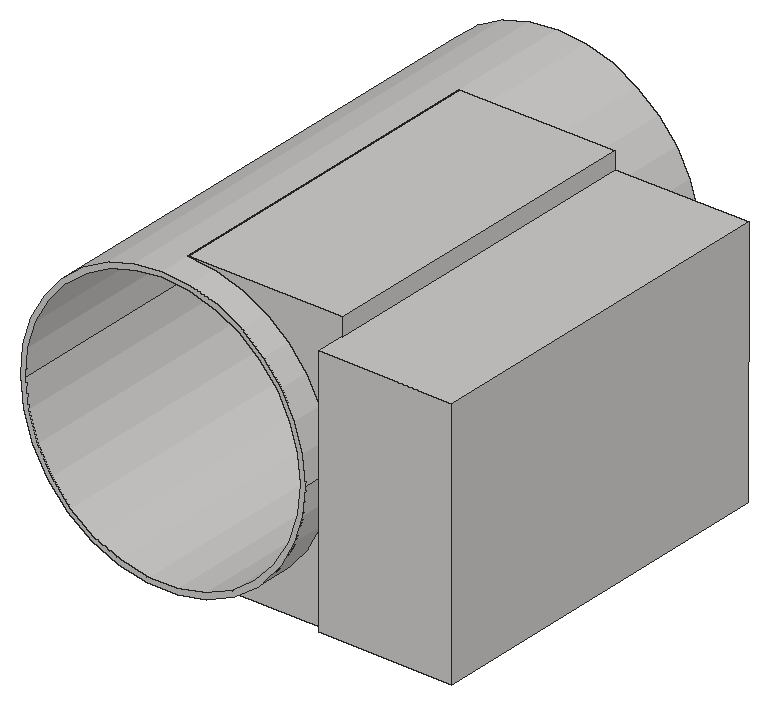
Revit family
Parameters
  Unit Weight = "25.0 lbs"
  URL = "http://www.titus-hvac.com/"
  Static Pressure [instance] = 0.00 in-wg
  Nominal Width = 1' - 9"
  Nominal Length = 2' - 0"
  Nominal Inlet Size = 1' - 2"
  Nominal Inlet Length = 2' - 0"
  Nominal Height = 1' - 1 7/8"
  Model = "DECV"
  Min. Air Flow = 0 CFM
  Max. Air Flow = 3000 CFM
  Material = Steel
  Manufacturer = "Titus"
  Inlet Radius = 0' - 6 15/16"
  Inlet Opening Radius = 0' - 6 11/16"
  Inlet Offset = 0' - 6"
  Inlet Extrusion Radius = 0' - 6 15/16"
  Inlet Diameter = 1' - 1 7/8"
  Inlet = Duct D / 2  # 0' - 6 15/16"
  Duct D = 1' - 1 7/8"
  Design Air Flow [instance] = 0 CFM
  Description = "Digital Control Terminal Unit, Retrofit, Variable Volume"
  Control Box Offset = 0' - 7 9/16"
  CADworks URL = "www.CADworks.net"
  Assembly Code = "D3040100"
Reference planes (in)
  plane 1 "Center (Front/Back)": y = 0
  plane 2: z = 0
  plane 3 "Center (Left/Right)": x = 0
  plane 4: y = 6
  plane 5: y = 12
  plane 6: y = -12
  plane 7: x = 7.5625
  plane 8: y = -12
  plane 9: z = 6.125
  plane 10: z = -6.125
  plane 11: z = -6.9375
  plane 12: z = 6.9375
  plane 13: x = 14.0625
  plane 14: x = -6.9375
Forms (in)
  Extrusion 1, solid, material "Steel" <- "Material"
    sketch origin (0, -8.5, 0) x (1, 0, 0) y (0, 0, 1)
      loop
        circle (0, 0) r 6.9375
    from -20.5 to 3.5
  Extrusion 2, solid, material "Steel" <- "Material"
    sketch origin (4.29125, 6, 3.56775) x (1, 0, 0) y (0, 0, 1)
      loop
        line (3.27125, 2.55725) -> (3.27125, -9.69275) -> (9.77125, -9.69275) -> (9.77125, 2.55725) -> (3.27125, 2.55725)
    from 0 to 18
  Extrusion 3, solid, material "Steel" <- "Material"
    sketch origin (0, 10, 0) x (-1, 0, 0) y (0, 0, -1)
      loop
        line (-7.5625, 6.9375) -> (-7.5625, -6.9375) -> (0, -6.9375)
        arc (0, -6.9375) -> (-6.9375, 0) -> (0, 6.9375) r 6.9375
        line (0, 6.9375) -> (-7.5625, 6.9375)
    from 4 to 20.5
  Extrusion 4, void
    sketch origin (0, -12, 0) x (1, 0, 0) y (0, 0, -1)
      loop
        circle (0, 0) r 6.6875
    from 0 to 24
Cuts and joins
  Extrusion 4 cuts Extrusion 1
  Extrusion 4 cuts Extrusion 3
Dimensions and locks (in)
  "Inlet Offset": plane 5 to plane 4
  locked: cut or joined group of Extrusion 1, Extrusion 4 to plane 5 at 0
  "Nominal Inlet Length": cut or joined group of Extrusion 1, Extrusion 4 to cut or joined group of Extrusion 1, Extrusion 4
  equal spacing: cut or joined group of Extrusion 1, Extrusion 4, plane 1 "Center (Front/Back)", cut or joined group of Extrusion 1, Extrusion 4
  "Nominal Inlet Length": plane 6 to plane 5
  equal spacing: plane 6, plane 1 "Center (Front/Back)", plane 5
  locked: Extrusion 2 to Extrusion 2 at 18
  locked: Extrusion 2 sketch curve to Extrusion 2 sketch curve at 6.5
  locked: Extrusion 2 sketch curve to Extrusion 2 sketch curve at 12.25
  Extrusion 2 sketch curve to Extrusion 2 sketch curve = 1' - 0 1/4"
  "Inlet Diameter": Extrusion 3 sketch curve to Extrusion 3 sketch curve
  locked: Extrusion 1 sketch curve to level at 0
  locked: Extrusion 1 sketch curve to plane 3 "Center (Left/Right)" at 0
  "Control Box Offset": plane 7 to plane 3 "Center (Left/Right)"
  "Control Box Offset": plane 3 "Center (Left/Right)" to plane 7
  locked: plane 6 to cut or joined group of Extrusion 3, Extrusion 4 at 1.5
  locked: cut or joined group of Extrusion 3, Extrusion 4 to plane 4 at 0
  equal spacing: cut or joined group of Extrusion 3, Extrusion 4, level, cut or joined group of Extrusion 3, Extrusion 4
  "Inlet Radius": radius of Extrusion 1 sketch curve
  "Inlet Extrusion Radius": radius of Extrusion 3 sketch curve
  "Inlet Opening Radius": radius of Extrusion 4 sketch curve
  aligned and locked: plane 9 to Extrusion 2
  aligned and locked: plane 10 to Extrusion 2
  aligned and locked: plane 3 "Center (Left/Right)" to Extrusion 3 sketch curve
  aligned and locked: plane 3 "Center (Left/Right)" to connector elem
  aligned and locked: connector elem to plane 3 "Center (Left/Right)"
  aligned and locked: plane 3 "Center (Left/Right)" to cut or joined group of Extrusion 3, Extrusion 4  (x3)
  aligned and locked: Extrusion 2 to plane 7
  aligned and locked: plane 7 to cut or joined group of Extrusion 3, Extrusion 4
  aligned and locked: cut or joined group of Extrusion 3, Extrusion 4 to Extrusion 2
Automatic sketch dimensions
  plane 7 to Extrusion 2 sketch curve = 0' - 0"
  Extrusion 2 sketch curve to level = 0' - 6 1/8"
  Extrusion 3 sketch curve to plane 7 = 0' - 0"
  Extrusion 3 sketch curve to level = 0' - 0"
Connectors (in)
  hvac at (0, -12, 0), driven by "Design Air Flow", driven by "Inlet", driven by "Static Pressure"
    settings: on cut or joined group of Extrusion 1, Extrusion 4, index 1
  hvac at (0, 12, 0), driven by "Static Pressure", driven by "Design Air Flow", driven by "Inlet"
    settings: on cut or joined group of Extrusion 1, Extrusion 4, index 2
